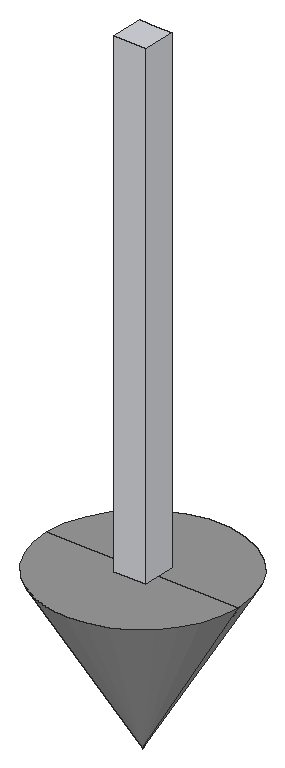
Revit family "Z axis_neg", category Generic Models, Revit 2025
Family settings
  Can host rebar = No
  Round Connector Dimension = Use Diameter
  Part Type = Normal
  Work Plane-Based = No
  Always vertical = No
  Cut with Voids When Loaded = No
  Maintain Annotation Orientation = No
  Shared = No
  Room Calculation Point = No
Parameters
  Default Elevation = 0 mm
  CylinderRadius [instance] = Arrowlength / 30  # 50 mm
  Arrowtip [instance] = Arrowlength / 3  # 500 mm
  Arrowradius [instance] = Arrowlength / 5  # 300 mm
  Arrowlength [instance] = 1500 mm
Reference planes
  plane 1 "Centro (Fronte/Retro)": y = 0
  plane 2: z = 0
  plane 3 "Centro (Sinistra/Destra)": x = 0
  plane 4: z = -2000
  plane 5: z = -1500
  plane 6: x = 300
Forms (mm)
  Extrusion 1, solid
    sketch origin (0, 0, -1500) x (0, 1, 0) y (-1, 0, 0)
      loop
        line (50, 0) -> (50, 50) -> (-50, 50) -> (-50, -50) -> (50, -50) -> (50, 0)
    from 0 to 1500
  Revolve 2, solid, material "Z axis"
    sketch origin (0, 0, 0) x (-1, 0, 0) y (0, 0, -1)
      loop
        line (0, 2000) -> (-300, 1500) -> (0, 1500) -> (0, 2000)
      axis (0, 2000) -> (0, 1500)
    angle from 0 to 360
Dimensions and locks
  "Arrowtip": plane 5 to plane 4
  "Arrowlength": level to plane 5
  "Arrowradius": plane 6 to plane 3 "Centro (Sinistra/Destra)"
  aligned and locked: level to plane 2
Automatic sketch dimensions
  Extrusion 1 sketch curve to plane 3 "Centro (Sinistra/Destra)" = 0 mm
  plane 1 "Centro (Fronte/Retro)" to Extrusion 1 sketch curve = 50 mm
  Extrusion 1 sketch curve to plane 1 "Centro (Fronte/Retro)" = 50 mm
  plane 3 "Centro (Sinistra/Destra)" to Extrusion 1 sketch curve = 50 mm
  Extrusion 1 sketch curve to Extrusion 1 sketch curve = 50 mm
  Revolve 2 sketch curve to plane 6 = 0 mm
  Revolve 2 sketch curve to plane 5 = 0 mm  (x2)
  plane 3 "Centro (Sinistra/Destra)" to Revolve 2 sketch curve = 0 mm
  Revolve 2 sketch curve to level = 0 mm
  Revolve 2 sketch curve to plane 3 "Centro (Sinistra/Destra)" = 0 mm
  Revolve 2 sketch curve to plane 4 = 0 mm
